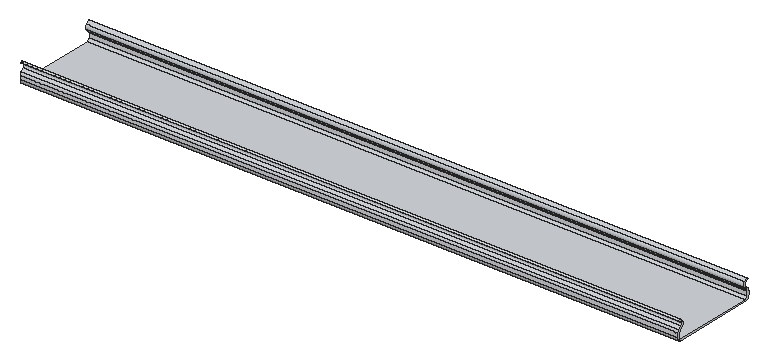
Revit family "SF_Ohm", category Structural Framing, Revit 2022
Family settings
  Section Shape = Not Defined
  Material for Model Behavior = Other
  Always export as geometry = No
  OmniClass Number = 23.25.30.11.14.14
  OmniClass Title = Beams
  Always vertical = Yes
  Cut with Voids When Loaded = No
  Symbolic Representation = From Family
  Shared = No
  Show family pre-cut in plan views = Yes
Parameters (values of type "Ohm 400x6")
  e = 6 mm
  R = 10 mm
  D2 = 18 mm
  D = 18 mm
  B = 400 mm
  URL = ""
  Type Comments = ""
  Structural Material [instance] = ASTM A36
  Model = ""
  Manufacturer = ""
  Length [instance] = 3000 mm
  Keynote = ""
  A = 89 mm
  Description = ""
  Assembly Code = ""
Types (28, lengths in mm): name | e | B
  Ohm 400x6 | 6 | 400
  Ohm 400x5 | 5 | 400
  Ohm 400x4 | 4 | 400
  Ohm 400x3 | 3 | 400
  Ohm 350x6 | 6 | 350
  Ohm 350x5 | 5 | 350
  Ohm 350x4 | 4 | 350
  Ohm 350x3 | 3 | 350
  Ohm 300x6 | 6 | 300
  Ohm 300x5 | 5 | 300
  Ohm 300x4 | 4 | 300
  Ohm 300x3 | 3 | 300
  Ohm 250x6 | 6 | 250
  Ohm 250x5 | 5 | 250
  Ohm 250x4 | 4 | 250
  Ohm 250x3 | 3 | 250
  Ohm 225x6 | 6 | 225
  Ohm 225x5 | 5 | 225
  Ohm 225x4 | 4 | 225
  Ohm 225x3 | 3 | 225
  Ohm 200x6 | 6 | 200
  Ohm 200x5 | 5 | 200
  Ohm 200x4 | 4 | 200
  Ohm 200x3 | 3 | 200
  Ohm 150x6 | 6 | 150
  Ohm 150x5 | 5 | 150
  Ohm 150x4 | 4 | 150
  Ohm 150x3 | 3 | 150
Reference planes
  plane 1 "Center (Front/Back)": y = 0
  plane 2 "Center Elevation": z = 0
  plane 3 "Center (Left/Right)": x = 0
  plane 4 "Left": x = -1500
  plane 5 "Member Left": x = -1250
  plane 6 "Stick Symbol Left": x = -1000
  plane 7 "Right": x = 1500
  plane 8 "Member Right": x = 1250
  plane 9 "Stick Symbol Right": x = 1000
Forms (mm)
  Sweep 1, solid
    path origin (0, 0, 114.059) x (1, 0, 0) y (0, 1, 0)
      loop
        line (-1500, 0) -> (1500, 0)
    profile "Ohm : Ohm" origin (0, 0, 114.059) x (0, 1, 0) y (0, 0, 1)
      loop
        arc (-184, -108.059) -> (-191.071, -105.13) -> (-194, -98.059) r 10
        line (-194, -98.059) -> (-194, -78.092)
        arc (-194, -78.092) -> (-193.239, -74.265) -> (-191.071, -71.021) r 10
        line (-191.071, -71.021) -> (-178.343, -58.293)
        arc (-178.343, -58.293) -> (-173.657, -46.979) -> (-178.343, -35.665) r 16
        line (-178.343, -35.665) -> (-191.071, -22.937) -> (-195.314, -27.18) -> (-182.586, -39.908)
        arc (-182.586, -39.908) -> (-179.657, -46.979) -> (-182.586, -54.05) r 10
        line (-182.586, -54.05) -> (-195.314, -66.778)
        arc (-195.314, -66.778) -> (-198.782, -71.969) -> (-200, -78.092) r 16
        line (-200, -78.092) -> (-200, -98.059)
        arc (-200, -98.059) -> (-195.314, -109.372) -> (-184, -114.059) r 16
        line (-184, -114.059) -> (0, -114.059) -> (184, -114.059)
        arc (184, -114.059) -> (195.314, -109.372) -> (200, -98.059) r 16
        line (200, -98.059) -> (200, -78.092)
        arc (200, -78.092) -> (198.782, -71.969) -> (195.314, -66.778) r 16
        line (195.314, -66.778) -> (182.586, -54.05)
        arc (182.586, -54.05) -> (179.657, -46.979) -> (182.586, -39.908) r 10
        line (182.586, -39.908) -> (195.314, -27.18) -> (191.071, -22.937) -> (178.343, -35.665)
        arc (178.343, -35.665) -> (173.657, -46.979) -> (178.343, -58.293) r 16
        line (178.343, -58.293) -> (191.071, -71.021)
        arc (191.071, -71.021) -> (193.239, -74.265) -> (194, -78.092) r 10
        line (194, -78.092) -> (194, -98.059)
        arc (194, -98.059) -> (191.071, -105.13) -> (184, -108.059) r 10
        line (184, -108.059) -> (0, -108.059) -> (-184, -108.059)
Dimensions and locks
  equal spacing: plane 4 "Left", plane 3 "Center (Left/Right)", plane 7 "Right"
  "Length": plane 4 "Left" to plane 7 "Right"
  aligned and locked: level to plane 2 "Center Elevation"
Automatic sketch dimensions
  plane 1 "Center (Front/Back)" to Sweep 1 sketch curve = 0 mm
  Sweep 1 sketch curve to plane 4 "Left" = 0 mm
  Sweep 1 sketch curve to plane 7 "Right" = 0 mm
